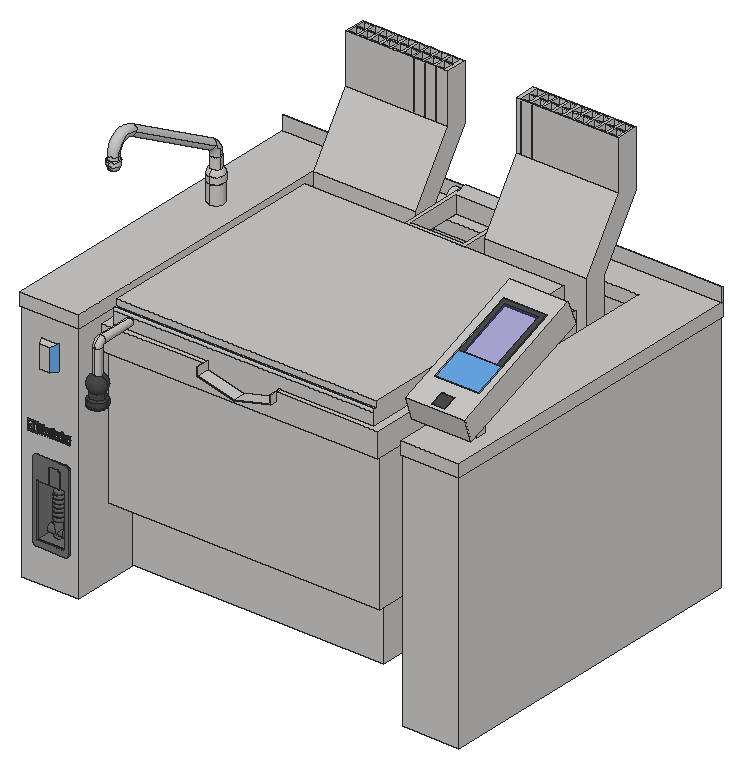
Revit family "QF_ELECTROLUXPROFESSIONAL_586295_PFET09GLCX", category Attrezzature speciali, Revit 2023
Family settings
  Quota connettore circolare = Usa raggio
  Tipo di parte = Normale
  Basato su piano di lavoro = No
  Attiva taglio nelle viste = No
  Sempre verticale = Sì
  Taglio con vuoti quando caricato = No
  Mantieni orientamento annotazione = No
  Condiviso = Sì
  Punto di calcolo locali = No
Parameters (values of type "Standard")
  Weight = 240.00 kg
  Watts = 0 W
  Volts = 230 V
  URL Manufacturer = "http://professional.electrolux.com"
  URL = "http://professional.electrolux.com"
  Steam Supply Size = 0"
  Steam Supply Minimum Pressure = 0.00 psi
  Steam Supply Maximum Pressure = 0.00 psi
  Steam Pounds per Hour = 0
  Show Logo [instance] = yes
  Refrigeration Suction Line Size = 0"
  Refrigeration Liquid Line Size = 0"
  Refrigerant Compressor Remote = yes
  Prospetto di default = 0.00 mm
  Plinth Base Finish [instance] = QF_Finishes_Concrete
  Plinth Base [instance] = not(Base Height = 500.00 mm)  # yes
  Phase = 1
  Modello = "PFET09GLCS"
  Produttore = "Electrolux Professional"
  Length Actual = 1200.00 mm  # constant formula
  Item Number = "586956"
  Hot Water Size = 1/2"
  Height Actual = 700.00 mm  # constant formula
  HP = "0.3 HP"
  Gas Size = 1"
  Gas KW = 18
  Gas Input Pressure = 0.722756 Btu/h
  Direct Waste Size = 0"
  Descrizione = "GAS TILTING BRAISING PAN,AUTO H/C WATER FILL INLET,SPRAY GUN, 90L,H700,COMPOUND,BS,FS,D900,REAR CLS KIT,GUID.COOK.S"
  Depth Actual = 900.00 mm  # constant formula
  Cycle = 50 Hz
  Condensate Return Size = 0"
  Compressed Air Volume = 0 GPM
  Compressed Air Size = 0"
  Compressed Air Pressure = 0.00 psi
  Cold Water Size = 1/2"
  Bracket [instance] = Base Height = 500.00 mm  # no
  Body Finish [instance] = QF_Finishes_Stainless Steel
  Base Height = 200.00 mm
  Show Clearance [instance] = yes
  Assembly Code = ""
  Accessory = yes
Reference planes
  plane 1 "BACK": y = 0
  plane 2: z = 0
  plane 3 "LEFT": x = 0
  plane 4 "RIGHT": x = 1200
  plane 5 "FRONT": y = -900
  plane 6 "TOP": z = 900
  plane 7: z = 200
  plane 8 "Center": x = 600
  plane 9: y = -450
  plane 10: y = -920
  plane 11: z = 1865
  plane 12: y = -971
  plane 13: z = 914
  plane 14: z = 1254
Forms (mm)
  Extrusion 1, solid, material "QF_Finishes_Stainless Steel" <- "Body Finish"
    sketch origin (0, 0, 900) x (-1, 0, 0) y (0, -1, 0)
      loop
        line (0, 0) -> (0, 900) -> (-160, 900) -> (-160, 86) -> (-1040, 86) -> (-1040, 900) -> (-1200, 900) -> (-1200, 0) -> (0, 0)
    from 0 to -35
  Extrusion 2, solid, material "QF_Finishes_Stainless Steel" <- "Body Finish"
    sketch origin (0, 0, 0) x (1, 0, 0) y (0, 0, 1)
      loop
        line (157, 865) -> (157, 500) -> (1043, 500) -> (1043, 865) -> (157, 865)
    from 3 to 83
  Extrusion 3, solid, material "QF_Finishes_Stainless Steel" <- "Body Finish"
    sketch origin (0, 0, 0) x (1, 0, 0) y (0, 0, 1)
      loop
        line (230, 454.5) -> (970, 454.5) -> (970, 833) -> (230, 833) -> (230, 454.5)
    from 230 to 882.995
  Extrusion 4, solid, material "QF_Finishes_Stainless Steel" <- "Body Finish"
    sketch origin (-975.299, -4572, 900) x (-1, 0, 0) y (0, -1, 0)
      loop
        line (-1492.192, -4549.945) -> (-1492.192, -4337) -> (-1658.406, -4337) -> (-1658.406, -4549.945) -> (-1492.192, -4549.945)
      loop
        line (-1648.406, -4502) -> (-1502.192, -4502) -> (-1502.192, -4347) -> (-1648.406, -4347) -> (-1648.406, -4502)
    from 11 to 56
  Extrusion 5, void
    sketch origin (0, -778.3, 0) x (1, 0, 0) y (0, 0, 1)
      loop
        line (500.793, 900) -> (500.793, 876.744) -> (600.793, 851.202) -> (700.793, 876.744) -> (700.793, 900) -> (500.793, 900)
    from 96.7 to 141.7
  Extrusion 6, solid, material "QF_Finishes_Stainless Steel" <- "Body Finish"
    sketch origin (600, 0, 0) x (0, 1, 0) y (0, 0, 1)
      loop
        line (-70, 900) -> (-22.055, 900) -> (-22.055, 932)
        arc (-22.055, 932) -> (-46.027, 955.973) -> (-70, 932) r 23.973
        line (-70, 932) -> (-70, 900)
    from -100 to -83.107
  Blend 7, solid, material "QF_Finishes_Stainless Steel" <- "Body Finish"
    base sketch origin (157, -897, 0) x (-1, 0, 0) y (0, 0, -1)
      loop
        line (100.5, -805.4) -> (100.5, -738.6) -> (53.5, -738.6) -> (53.5, -805.4) -> (100.5, -805.4)
    top sketch origin (157, -897, 0) x (-1, 0, 0) y (0, 0, -1)
      loop
        line (90.448, -802.617) -> (90.448, -741.383) -> (63.552, -741.383) -> (63.552, -802.617) -> (90.448, -802.617)
    from 0 to 20.065
  Extrusion 8, solid, material "QF_Finishes_Stainless Steel" <- "Body Finish"
    sketch origin (600, 0, 0) x (0, 1, 0) y (0, 0, 1)
      loop
        line (-875, 957.5) -> (-875, 939.75) -> (-882.995, 939.75)
        arc (-882.995, 939.75) -> (-885.24, 936.508) -> (-886.031, 932.644) r 9.835
        line (-886.031, 932.644) -> (-886.031, 900) -> (-235, 900) -> (-235, 957.5) -> (-875, 957.5)
    from -355 to 355.493
  Revolve 9, solid, material "QF_Finishes_Stainless Steel" <- "Body Finish"
    sketch origin (-975.299, -4626, 730) x (-1, 0, 0) y (0, -1, 0)
      loop
        line (-1205.299, -4000) -> (-1138.736, -4000) -> (-1138.736, -4030) -> (-1132.299, -4030) -> (-1132.299, -3943) -> (-1205.299, -3943) -> (-1205.299, -4000)
      loop
        line (-1945.299, -4000) -> (-1945.299, -3943) -> (-2018.299, -3943) -> (-2018.299, -4030) -> (-2011.861, -4030) -> (-2011.861, -4000) -> (-1945.299, -4000)
      axis (-1132.299, -3943) -> (-2018.299, -3943)
    angle from 0 to 360
  Extrusion 10, solid, material "QF_Finishes_Stainless Steel" <- "Body Finish"
    sketch origin (-975.299, -4572, 900) x (-1, 0, 0) y (0, -1, 0)
      loop
        line (-1199.802, -4347) -> (-1199.802, -3672) -> (-1953.192, -3672) -> (-1953.192, -4347) -> (-1199.802, -4347)
    from -67 to 0
  Extrusion 11, solid, material "QF_Finishes_Clearance", visible <- "Show Clearance", detail levels coarse
    sketch origin (600, 0, 0) x (0, 1, 0) y (0, 0, 1)
      loop
        arc (-265.365, 1865) -> (-732.212, 1545.353) -> (-912.055, 1008.904) r 890
        line (-912.055, 1008.904) -> (-22.055, 1008.904) -> (-265.365, 1865)
    from 355.493 to -355
  Extrusion 12, solid, material "QF_Finishes_Clearance", visible <- "Show Clearance", detail levels coarse
    sketch origin (600, 0, 0) x (0, 1, 0) y (0, 0, 1)
      loop
        line (-897, 900) -> (-915.468, 900)
        arc (-915.468, 900) -> (-969.934, 705.3) -> (-882.995, 522.772) r 287.996
        line (-882.995, 522.772) -> (-882.995, 833) -> (-897, 833) -> (-897, 900)
    from -375.497 to 377.893
  Extrusion 13, solid, material "QF_Finishes_Stainless Steel"
    sketch origin (0, 0, 461.36) x (0, 0, 1) y (1, 0, 0)
      loop
        circle (-66.36, 106.204) r 6.35
      loop
        circle (-66.36, 46.204) r 6.35
      loop
        circle (-116.36, 76.112) r 12.7
    from 0 to 5
  Extrusion 14, solid, material "QF_Finishes_Stainless Steel"
    sketch origin (1040, 0, 386.36) x (0, 0, 1) y (1, 0, 0)
      loop
        circle (-66.36, 81.204) r 6.35
    from 0 to 5
  Extrusion 15, solid, material "QF_Finishes_Stainless Steel" <- "Body Finish"
    sketch origin (600, 0, 0) x (0, 1, 0) y (0, 0, 1)
      loop
        line (-180, 956) -> (-180, 598) -> (-225, 598) -> (-225, 540) -> (-122, 540) -> (-122, 938.268) -> (-12.644, 1100.395) -> (-12.644, 1254) -> (-70.644, 1254) -> (-70.644, 1118.127) -> (-180, 956)
    from -373 to -93
  Extrusion 16, solid, material "QF_Finishes_Stainless Steel" <- "Body Finish"
    sketch origin (0, 0, 29.5) x (1, 0, 0) y (0, 0, 1)
      loop
        line (256.991, 425) -> (256.991, 263.5) -> (944.406, 263.5) -> (944.406, 425) -> (256.991, 425)
    from 230 to 837
  Extrusion 17, solid, material "QF_Finishes_Stainless Steel" <- "Body Finish"
    sketch origin (0, -100, 0) x (1, 0, 0) y (0, 1, 0)
      loop
        line (157, 97) -> (3, 97) -> (3, -797) -> (157, -797) -> (157, 97)
      loop
        line (1197, 97) -> (1043, 97) -> (1043, -797) -> (1197, -797) -> (1197, 97)
    from 200 to 865
  Extrusion 18, solid, material "Navy Blue", visible <- "Show Logo"
    sketch origin (160, -897, 0) x (-1, 0, 0) y (0, 0, -1)
      loop
        line (101.332, -593.18) -> (109.793, -593.18) -> (109.793, -583.327)
        arc (109.793, -583.327) -> (108.679, -580.639) -> (105.991, -579.525) r 3.802
        line (105.991, -579.525) -> (101.168, -579.525) -> (101.168, -581.736) -> (105.441, -581.736)
        arc (105.441, -581.736) -> (106.845, -582.21) -> (107.442, -583.566) r 1.838
        line (107.442, -583.566) -> (107.442, -585.52) -> (101.698, -585.52) -> (101.698, -587.738) -> (107.442, -587.738) -> (107.442, -590.968) -> (101.332, -590.968) -> (101.332, -593.18)
      loop
        line (99.498, -593.18) -> (99.498, -579.525) -> (97.146, -579.525) -> (97.146, -593.18) -> (99.498, -593.18)
      loop
        line (48.417, -593.18) -> (48.417, -579.525) -> (46.064, -579.525) -> (46.064, -593.18) -> (48.417, -593.18)
      loop
        line (93.257, -583.886) -> (85.539, -583.886)
        arc (85.539, -583.886) -> (86.746, -588.126) -> (90.874, -589.672) r 4.89
        arc (90.874, -589.672) -> (94.51, -587.828) -> (95.548, -583.886) r 4.976
        arc (95.548, -583.886) -> (94.182, -580.589) -> (90.886, -579.224) r 4.662
        arc (90.886, -579.224) -> (88.32, -579.602) -> (86.169, -581.05) r 5.86
        line (86.169, -581.05) -> (87.562, -582.444)
        arc (87.562, -582.444) -> (89.391, -581.347) -> (91.516, -581.531) r 3.458
        arc (91.516, -581.531) -> (92.812, -582.394) -> (93.257, -583.886) r 2.29
      loop
        line (93.198, -585.539) -> (87.902, -585.539)
        arc (87.902, -585.539) -> (88.645, -587.103) -> (90.278, -587.679) r 2.256
        arc (90.278, -587.679) -> (92.162, -587.188) -> (93.198, -585.539) r 2.64
      loop
        line (76.371, -586.524) -> (74.894, -588)
        arc (74.894, -588) -> (76.746, -589.341) -> (78.997, -589.742) r 5.117
        arc (78.997, -589.742) -> (82.429, -588.487) -> (84.231, -585.308) r 5.293
        arc (84.231, -585.308) -> (81.194, -579.733) -> (74.977, -581.018) r 5.33
        line (74.977, -581.018) -> (76.446, -582.487)
        arc (76.446, -582.487) -> (79.616, -581.438) -> (81.887, -583.886) r 3.088
        arc (81.887, -583.886) -> (81.729, -585.821) -> (80.396, -587.234) r 2.933
        arc (80.396, -587.234) -> (78.264, -587.559) -> (76.371, -586.524) r 3.369
      loop
        line (73.45, -593.18) -> (73.45, -583.849)
        arc (73.45, -583.849) -> (73.246, -582.449) -> (72.722, -581.135) r 6.031
        arc (72.722, -581.135) -> (71.044, -579.8) -> (68.918, -579.519) r 4.018
        line (68.918, -579.519) -> (68.918, -581.723)
        arc (68.918, -581.723) -> (69.55, -581.771) -> (70.139, -582.005) r 2.118
        arc (70.139, -582.005) -> (70.895, -582.804) -> (71.098, -583.886) r 1.949
        line (71.098, -583.886) -> (71.098, -587.265) -> (68.962, -587.265) -> (68.962, -589.401) -> (71.098, -589.401) -> (71.098, -593.18) -> (73.45, -593.18)
      loop
        arc (64.65, -584.717) -> (64.482, -585.701) -> (63.997, -586.574) r 2.967
        arc (63.997, -586.574) -> (62.588, -587.297) -> (61.004, -587.265) r 3.231
        line (61.004, -587.265) -> (61.004, -589.525)
        arc (61.004, -589.525) -> (63.073, -589.33) -> (64.65, -587.977) r 3.432
        line (64.65, -587.977) -> (64.65, -589.401) -> (66.983, -589.401) -> (66.983, -579.525) -> (64.65, -579.525) -> (64.65, -584.717)
      loop
        circle (55.254, -584.461) r 5.233
      loop
        circle (55.254, -584.461) r 3.172
      loop
        arc (37.582, -583.638) -> (38.162, -582.041) -> (39.738, -581.405) r 2.088
        arc (39.738, -581.405) -> (41.313, -582.041) -> (41.894, -583.638) r 2.088
        line (41.894, -583.638) -> (41.894, -589.401) -> (44.266, -589.401) -> (44.266, -583.442)
        arc (44.266, -583.442) -> (42.916, -580.365) -> (39.738, -579.275) r 4.181
        arc (39.738, -579.275) -> (36.524, -580.398) -> (35.211, -583.539) r 4.181
        line (35.211, -583.539) -> (35.211, -589.401) -> (37.582, -589.401) -> (37.582, -583.638)
      loop
        line (33.789, -589.401) -> (30.374, -584.764) -> (34.126, -579.522) -> (31.598, -579.522) -> (29.107, -583.001) -> (26.58, -579.522) -> (24.068, -579.522) -> (27.767, -584.817) -> (24.385, -589.401) -> (26.952, -589.401) -> (29.115, -586.469) -> (31.245, -589.401) -> (33.789, -589.401)
      loop
        line (108.47, -573.865) -> (110.346, -573.865) -> (110.346, -569.143) -> (109.319, -569.143) -> (109.319, -570.769) -> (108.185, -570.769)
        arc (108.185, -570.769) -> (106.916, -572.447) -> (108.47, -573.865) r 1.561
      loop
        arc (108.23, -571.697) -> (107.841, -572.304) -> (108.23, -572.911) r 0.668
        line (108.23, -572.911) -> (109.319, -572.911) -> (109.319, -571.697) -> (108.23, -571.697)
      loop
        line (101.061, -573.865) -> (102.968, -573.865) -> (102.968, -569.143) -> (101.942, -569.143) -> (101.942, -570.769) -> (100.949, -570.769) -> (100.27, -569.143) -> (99.168, -569.143) -> (100.097, -571.134)
        arc (100.097, -571.134) -> (99.652, -571.665) -> (99.502, -572.343) r 1.458
        arc (99.502, -572.343) -> (99.971, -573.421) -> (101.061, -573.865) r 1.559
      loop
        line (101.942, -572.911) -> (101.942, -571.697) -> (100.852, -571.697)
        arc (100.852, -571.697) -> (100.464, -572.304) -> (100.852, -572.911) r 0.668
        line (100.852, -572.911) -> (101.942, -572.911)
      loop
        circle (93.139, -571.504) r 2.453
      loop
        circle (93.139, -571.504) r 1.557
      loop
        line (86.655, -573.865) -> (86.655, -569.143) -> (85.654, -569.143) -> (85.654, -570.793) -> (83.876, -570.793) -> (83.876, -571.851) -> (85.654, -571.851) -> (85.654, -572.847) -> (83.706, -572.847) -> (83.706, -573.865) -> (86.655, -573.865)
      loop
        line (79.724, -573.865) -> (79.724, -570.677)
        arc (79.724, -570.677) -> (79.288, -569.596) -> (78.213, -569.146) r 1.51
        line (78.213, -569.146) -> (76.689, -569.146) -> (76.689, -570.038) -> (78.122, -570.038)
        arc (78.122, -570.038) -> (78.65, -570.475) -> (78.753, -571.151) r 0.961
        line (78.753, -571.151) -> (76.866, -571.151) -> (76.866, -572.043) -> (78.753, -572.043) -> (78.753, -572.973) -> (76.735, -572.973) -> (76.735, -573.865) -> (79.724, -573.865)
      loop
        arc (62.624, -573.267) -> (63.249, -573.78) -> (64.041, -573.943) r 1.69
        arc (64.041, -573.943) -> (64.773, -573.764) -> (65.374, -573.31) r 1.872
        arc (65.374, -573.31) -> (65.486, -572.238) -> (64.794, -571.411) r 1.385
        arc (64.794, -571.411) -> (64.212, -571.217) -> (63.66, -570.95) r 4.78
        arc (63.66, -570.95) -> (63.312, -570.539) -> (63.552, -570.057) r 0.489
        arc (63.552, -570.057) -> (63.998, -569.952) -> (64.442, -570.065) r 0.963
        arc (64.442, -570.065) -> (64.826, -570.341) -> (65.061, -570.752) r 1.118
        line (65.061, -570.752) -> (65.887, -570.367)
        arc (65.887, -570.367) -> (65.589, -569.793) -> (65.11, -569.36) r 1.815
        arc (65.11, -569.36) -> (64.566, -569.127) -> (63.978, -569.068) r 1.957
        arc (63.978, -569.068) -> (63.25, -569.213) -> (62.595, -569.561) r 2.556
        arc (62.595, -569.561) -> (62.305, -570.331) -> (62.455, -571.139) r 1.535
        arc (62.455, -571.139) -> (62.778, -571.512) -> (63.19, -571.781) r 1.779
        arc (63.19, -571.781) -> (63.712, -572.014) -> (64.248, -572.215) r 9.371
        arc (64.248, -572.215) -> (64.557, -572.696) -> (64.11, -573.053) r 0.427
        arc (64.11, -573.053) -> (63.575, -572.924) -> (63.163, -572.558) r 1.135
        line (63.163, -572.558) -> (62.624, -573.267)
      loop
        line (58.291, -573.865) -> (58.291, -569.146) -> (57.321, -569.146) -> (57.321, -573.865) -> (58.291, -573.865)
      loop
        circle (50.779, -571.506) r 1.468
      loop
        circle (50.779, -571.506) r 2.451
      loop
        line (44.27, -569.146) -> (43.289, -569.146) -> (43.289, -572.113) -> (41.131, -569.146) -> (40.187, -569.146) -> (40.187, -573.865) -> (41.168, -573.865) -> (41.168, -570.808) -> (43.326, -573.865) -> (44.27, -573.865) -> (44.27, -569.146)
      loop
        line (35.295, -569.146) -> (34.836, -570.164) -> (33.09, -570.164) -> (32.631, -569.146) -> (31.588, -569.146) -> (33.581, -573.865) -> (34.491, -573.865) -> (36.337, -569.146) -> (35.295, -569.146)
      loop
        line (33.526, -571.132) -> (33.993, -572.169) -> (34.447, -571.132) -> (33.526, -571.132)
      loop
        line (26.769, -570.038) -> (26.769, -573.865) -> (27.739, -573.865) -> (27.739, -569.146) -> (24.954, -569.146) -> (24.954, -570.038) -> (26.769, -570.038)
      loop
        arc (69.698, -573.267) -> (70.324, -573.78) -> (71.116, -573.943) r 1.69
        arc (71.116, -573.943) -> (71.847, -573.764) -> (72.449, -573.31) r 1.872
        arc (72.449, -573.31) -> (72.56, -572.238) -> (71.868, -571.411) r 1.385
        arc (71.868, -571.411) -> (71.287, -571.217) -> (70.735, -570.95) r 4.78
        arc (70.735, -570.95) -> (70.386, -570.539) -> (70.627, -570.057) r 0.489
        arc (70.627, -570.057) -> (71.073, -569.952) -> (71.517, -570.065) r 0.963
        arc (71.517, -570.065) -> (71.901, -570.341) -> (72.136, -570.752) r 1.118
        line (72.136, -570.752) -> (72.961, -570.367)
        arc (72.961, -570.367) -> (72.664, -569.793) -> (72.184, -569.36) r 1.815
        arc (72.184, -569.36) -> (71.64, -569.127) -> (71.052, -569.068) r 1.957
        arc (71.052, -569.068) -> (70.325, -569.213) -> (69.669, -569.561) r 2.556
        arc (69.669, -569.561) -> (69.38, -570.331) -> (69.529, -571.139) r 1.535
        arc (69.529, -571.139) -> (69.852, -571.512) -> (70.265, -571.781) r 1.779
        arc (70.265, -571.781) -> (70.787, -572.014) -> (71.322, -572.215) r 9.371
        arc (71.322, -572.215) -> (71.632, -572.696) -> (71.185, -573.053) r 0.427
        arc (71.185, -573.053) -> (70.649, -572.924) -> (70.238, -572.558) r 1.135
        line (70.238, -572.558) -> (69.698, -573.267)
      loop
        line (124.467, -593.367) -> (124.467, -568.534)
        arc (124.467, -568.534) -> (115.287, -580.95) -> (124.467, -593.367) r 12.987
      loop
        arc (125.423, -593.446) -> (135.891, -591.227) -> (141.022, -581.837) r 12.809
        line (141.022, -581.837) -> (135.422, -581.837)
        arc (135.422, -581.837) -> (128.84, -585.012) -> (125.423, -591.472) r 11.707
        line (125.423, -591.472) -> (125.423, -593.446)
      loop
        arc (125.73, -570.332) -> (129.585, -577.251) -> (136.925, -580.23) r 11.93
        line (136.925, -580.23) -> (141.033, -580.23)
        arc (141.033, -580.23) -> (136.066, -570.804) -> (125.73, -568.215) r 13.06
        line (125.73, -568.215) -> (125.73, -570.332)
      loop
        line (141.976, -594.722) -> (141.976, -567.122) -> (114.339, -567.122) -> (114.339, -594.722) -> (141.976, -594.722)
    from 0 to 0.697
  Extrusion 19, void
    sketch origin (0, -900, 0) x (1, 0, 0) y (0, 0, 1)
      loop
        line (125.4, 500.944) -> (43.4, 500.944) -> (43.4, 305.944) -> (125.4, 305.944) -> (125.4, 500.944)
    from 0 to -63
  Extrusion 20, solid, material "QF_Finishes_Stainless Steel"
    sketch origin (600, -100, 0) x (0, 1, 0) y (0, 0, 1)
      loop
        line (98, 937.998) -> (98, 900) -> (100, 900) -> (100, 937.998) -> (98, 937.998)
    from 600 to -600
  Sweep 21, solid, material "QF_Finishes_Stainless Steel" <- "Body Finish"
    path origin (287.976, -40.5, 0.119) x (0, 1, 0) y (0, 0, 1)
      loop
        line (-845.531, 920) -> (-942.5, 920)
        arc (-942.5, 920) -> (-951.07, 916.45) -> (-954.619, 907.881) r 12.119
        line (-954.619, 907.881) -> (-954.619, 837.881)
    profile origin (287.976, -934.515, 920.119) x (0, 0, -1) y (1, 0, 0)
      loop
        circle (0, 0) r 10
  Revolve 22, solid, material "QF_Finishes_Black"
    sketch origin (0, -995.119, 0.119) x (1, 0, 0) y (0, 0, 1)
      loop
        line (287.976, 837.881) -> (287.976, 762.881) -> (307.976, 762.881)
        arc (307.976, 762.881) -> (311.512, 764.345) -> (312.976, 767.881) r 5
        line (312.976, 767.881) -> (312.976, 780.536) -> (307.064, 786.449) -> (305.844, 800.394)
        arc (305.844, 800.394) -> (312.515, 822.659) -> (297.976, 840.794) r 25
        line (297.976, 840.794) -> (297.976, 837.881) -> (287.976, 837.881)
      axis (287.976, 762.881) -> (287.976, 840.794)
    angle from 0 to 360
  Extrusion 23, solid, material "QF_Finishes_Stainless Steel" <- "Body Finish"
    sketch origin (-0.793, -900, 0) x (1, 0, 0) y (0, 0, 1)
      loop
        line (500.793, 900) -> (500.793, 876.744) -> (600.793, 851.202) -> (700.793, 876.744) -> (700.793, 900) -> (698.793, 900) -> (698.793, 878.297) -> (600.793, 853.267) -> (502.793, 878.297) -> (502.793, 900) -> (500.793, 900)
    from -25 to 20
  Extrusion 24, solid, material "QF_Finishes_Stainless Steel" <- "Body Finish"
    sketch origin (-0.793, -900, 0) x (1, 0, 0) y (0, 0, 1)
      loop
        line (504.793, 900) -> (504.793, 879.85) -> (600.793, 855.331) -> (696.793, 879.85) -> (696.793, 900) -> (504.793, 900)
    from -25 to -13.969
  Extrusion 25, solid, material "QF_Finishes_Stainless Steel" <- "Body Finish"
    sketch origin (600, 0, 0) x (0, 1, 0) y (0, 0, -1)
      loop
        line (-180, -956) -> (-70.644, -1118.127) -> (-70.644, -1254) -> (-12.644, -1254) -> (-12.644, -1100.395) -> (-122, -938.268) -> (-122, -540) -> (-225, -540) -> (-225, -598) -> (-180, -598) -> (-180, -956)
    from -373 to -93
  Extrusion 26, solid, material "QF_Finishes_Stainless Steel" <- "Body Finish"
    sketch origin (600, 0, 0) x (0, 1, 0) y (0, 0, 1)
      loop
        line (-70, 900) -> (-22.055, 900) -> (-22.055, 932)
        arc (-22.055, 932) -> (-46.027, 955.973) -> (-70, 932) r 23.973
        line (-70, 932) -> (-70, 900)
    from 83.107 to 100
  Extrusion 27, void
    sketch origin (0, 0, 900) x (-1, 0, 0) y (0, -1, 0)
      loop
        line (-232, 43.144) -> (-232, 68.144) -> (-256, 68.144) -> (-256, 43.144) -> (-232, 43.144)
      loop
        line (-232, 40.144) -> (-256, 40.144) -> (-256, 15.144) -> (-232, 15.144) -> (-232, 40.144)
      loop
        line (-262, 43.144) -> (-262, 68.144) -> (-286, 68.144) -> (-286, 43.144) -> (-262, 43.144)
      loop
        line (-262, 40.144) -> (-286, 40.144) -> (-286, 15.144) -> (-262, 15.144) -> (-262, 40.144)
      loop
        line (-292, 43.144) -> (-292, 68.144) -> (-316, 68.144) -> (-316, 43.144) -> (-292, 43.144)
      loop
        line (-292, 40.144) -> (-316, 40.144) -> (-316, 15.144) -> (-292, 15.144) -> (-292, 40.144)
      loop
        line (-322, 43.144) -> (-322, 68.144) -> (-346, 68.144) -> (-346, 43.144) -> (-322, 43.144)
      loop
        line (-322, 40.144) -> (-346, 40.144) -> (-346, 15.144) -> (-322, 15.144) -> (-322, 40.144)
      loop
        line (-352, 43.144) -> (-352, 68.144) -> (-376, 68.144) -> (-376, 43.144) -> (-352, 43.144)
      loop
        line (-352, 40.144) -> (-376, 40.144) -> (-376, 15.144) -> (-352, 15.144) -> (-352, 40.144)
      loop
        line (-382, 43.144) -> (-382, 68.144) -> (-406, 68.144) -> (-406, 43.144) -> (-382, 43.144)
      loop
        line (-382, 40.144) -> (-406, 40.144) -> (-406, 15.144) -> (-382, 15.144) -> (-382, 40.144)
      loop
        line (-412, 43.144) -> (-412, 68.144) -> (-436, 68.144) -> (-436, 43.144) -> (-412, 43.144)
      loop
        line (-412, 40.144) -> (-436, 40.144) -> (-436, 15.144) -> (-412, 15.144) -> (-412, 40.144)
      loop
        line (-442, 43.144) -> (-442, 68.144) -> (-466, 68.144) -> (-466, 43.144) -> (-442, 43.144)
      loop
        line (-442, 40.144) -> (-466, 40.144) -> (-466, 15.144) -> (-442, 15.144) -> (-442, 40.144)
      loop
        line (-472, 43.144) -> (-472, 68.144) -> (-496, 68.144) -> (-496, 43.144) -> (-472, 43.144)
      loop
        line (-472, 40.144) -> (-496, 40.144) -> (-496, 15.144) -> (-472, 15.144) -> (-472, 40.144)
    from 218.129 to 354
  Extrusion 28, void
    sketch origin (0, 0, 900) x (-1, 0, 0) y (0, -1, 0)
      loop
        line (-968, 43.144) -> (-944, 43.144) -> (-944, 68.144) -> (-968, 68.144) -> (-968, 43.144)
      loop
        line (-968, 40.144) -> (-968, 15.144) -> (-944, 15.144) -> (-944, 40.144) -> (-968, 40.144)
      loop
        line (-938, 43.144) -> (-914, 43.144) -> (-914, 68.144) -> (-938, 68.144) -> (-938, 43.144)
      loop
        line (-938, 40.144) -> (-938, 15.144) -> (-914, 15.144) -> (-914, 40.144) -> (-938, 40.144)
      loop
        line (-908, 43.144) -> (-884, 43.144) -> (-884, 68.144) -> (-908, 68.144) -> (-908, 43.144)
      loop
        line (-908, 40.144) -> (-908, 15.144) -> (-884, 15.144) -> (-884, 40.144) -> (-908, 40.144)
      loop
        line (-878, 43.144) -> (-854, 43.144) -> (-854, 68.144) -> (-878, 68.144) -> (-878, 43.144)
      loop
        line (-878, 40.144) -> (-878, 15.144) -> (-854, 15.144) -> (-854, 40.144) -> (-878, 40.144)
      loop
        line (-848, 43.144) -> (-824, 43.144) -> (-824, 68.144) -> (-848, 68.144) -> (-848, 43.144)
      loop
        line (-848, 40.144) -> (-848, 15.144) -> (-824, 15.144) -> (-824, 40.144) -> (-848, 40.144)
      loop
        line (-818, 43.144) -> (-794, 43.144) -> (-794, 68.144) -> (-818, 68.144) -> (-818, 43.144)
      loop
        line (-818, 40.144) -> (-818, 15.144) -> (-794, 15.144) -> (-794, 40.144) -> (-818, 40.144)
      loop
        line (-788, 43.144) -> (-764, 43.144) -> (-764, 68.144) -> (-788, 68.144) -> (-788, 43.144)
      loop
        line (-788, 40.144) -> (-788, 15.144) -> (-764, 15.144) -> (-764, 40.144) -> (-788, 40.144)
      loop
        line (-758, 43.144) -> (-734, 43.144) -> (-734, 68.144) -> (-758, 68.144) -> (-758, 43.144)
      loop
        line (-758, 40.144) -> (-758, 15.144) -> (-734, 15.144) -> (-734, 40.144) -> (-758, 40.144)
      loop
        line (-728, 43.144) -> (-704, 43.144) -> (-704, 68.144) -> (-728, 68.144) -> (-728, 43.144)
      loop
        line (-728, 40.144) -> (-728, 15.144) -> (-704, 15.144) -> (-704, 40.144) -> (-728, 40.144)
    from 218.129 to 354
Cuts and joins
  Extrusion 5 cuts Extrusion 10
  joined: Extrusion 3, Extrusion 8, Extrusion 10, Extrusion 23, Extrusion 24
  Extrusion 19 cuts Extrusion 17
  Extrusion 27, Extrusion 28 cuts Extrusion 15
  Extrusion 28 cuts Extrusion 11
  Extrusion 28 cuts Extrusion 25
Lines and regions (mm)
  symbolic lines
    curve 1: line (1200, 0, 900) -> (0, 0, 900)
    curve 2: line (1200, -900, 900) -> (1200, 0, 900)
    curve 3: line (1040, -900, 900) -> (1200, -900, 900)
    curve 4: line (1040, -86, 900) -> (1040, -900, 900)
    curve 5: line (0, 0, 900) -> (0, -900, 900)
    curve 6: line (160, -900, 900) -> (160, -86, 900)
    curve 7: line (0, -900, 900) -> (160, -900, 900)
    curve 8: line (977.893, -225, 900) -> (977.893, -900, 900)
    curve 9: line (224.503, -225, 900) -> (224.503, -900, 900)
    curve 10: line (1040, -625.999, 900) -> (977.893, -625.999, 900)
    curve 11: line (1040, -739.999, 900) -> (977.893, -739.999, 900)
    curve 12: line (160, -625.999, 900) -> (224.503, -625.999, 900)
    curve 13: line (160, -739.999, 900) -> (224.503, -739.999, 900)
    curve 21: line (0, -2, 0) -> (1200, -2, 0)
    curve 22: line (277.976, -886.031, 0) -> (277.976, -995.119, 0)
    curve 23: line (297.976, -886.031, 0) -> (297.976, -995.119, 0)
    curve 24: arc (277.976, -972.207, 0) -> (287.976, -1020.119, 0) -> (297.976, -972.207, 0) r 25
    curve 25: arc (277.976, -995.119, 0) -> (287.976, -1005.119, 0) -> (297.976, -995.119, 0) r 10
    curve 26: line (500, -920, 0) -> (700, -920, 0)
    curve 27: line (700, -920, 0) -> (700, -886.031, 0)
    curve 28: line (500, -920, 0) -> (500, -886.031, 0)
    curve 29: line (502, -886.031, 0) -> (502, -920, 0)
    curve 30: line (698, -886.031, 0) -> (698, -920, 0)
    curve 31: line (600, -920, 0) -> (600, -886.031, 0)
    curve 32: line (224.503, -900, 0) -> (277.976, -900, 0)
    curve 33: line (297.976, -900, 0) -> (500, -900, 0)
    curve 34: line (700, -900, 0) -> (977.893, -900, 0)
    curve 35: line (245, -886.031, 0) -> (955.493, -886.031, 0)
    curve 36: line (955.493, -886.031, 0) -> (955.493, -235, 0)
    curve 37: line (245, -235, 0) -> (245, -886.031, 0)
    curve 38: line (245, -875, 0) -> (955.493, -875, 0)
    curve 39: line (227, -12.644, 0) -> (227, -225, 0)
    curve 40: line (507, -12.644, 0) -> (227, -12.644, 0)
    curve 41: line (227, -70.644, 0) -> (507, -70.644, 0)
    curve 42: line (227, -180, 0) -> (507, -180, 0)
    curve 43: line (973, -12.644, 0) -> (693, -12.644, 0)
    curve 44: line (693, -70.644, 0) -> (973, -70.644, 0)
    curve 45: line (693, -180, 0) -> (973, -180, 0)
    curve 46: line (973, -225, 0) -> (973, -12.644, 0)
    curve 47: line (507, -225, 0) -> (507, -12.644, 0)
    curve 48: line (693, -12.644, 0) -> (693, -225, 0)
    curve 49: line (683.107, -235, 0) -> (683.107, -22.055, 0)
    curve 50: line (516.893, -22.055, 0) -> (516.893, -235, 0)
    curve 51: line (683.107, -22.055, 0) -> (516.893, -22.055, 0)
    curve 52: line (673.107, -70, 0) -> (673.107, -225, 0)
    curve 53: line (526.893, -225, 0) -> (526.893, -70, 0)
    curve 54: line (516.893, -70, 0) -> (507, -70, 0)
    curve 55: line (516.893, -86, 0) -> (507, -86, 0)
    curve 56: line (683.107, -70, 0) -> (693, -70, 0)
    curve 57: line (683.107, -86, 0) -> (693, -86, 0)
    curve 58: line (224.503, -225, 0) -> (977.893, -225, 0)
    curve 59: line (955.493, -235, 0) -> (245, -235, 0)
    curve 60: line (160, -86, 0) -> (227, -86, 0)
    curve 61: line (1040, -86, 0) -> (973, -86, 0)
    curve 62: line (673.107, -70, 0) -> (526.893, -70, 0)
    curve 63: line (673.107, -86, 0) -> (526.893, -86, 0)
    curve 64: line (232, -15.144, 0) -> (256, -15.144, 0)
    curve 65: line (232, -40.144, 0) -> (232, -15.144, 0)
    curve 66: line (256, -40.144, 0) -> (232, -40.144, 0)
    curve 67: line (256, -15.144, 0) -> (256, -40.144, 0)
    curve 68: line (232, -43.144, 0) -> (256, -43.144, 0)
    curve 69: line (232, -68.144, 0) -> (232, -43.144, 0)
    curve 70: line (256, -68.144, 0) -> (232, -68.144, 0)
    curve 71: line (256, -43.144, 0) -> (256, -68.144, 0)
    curve 72: line (262, -15.144, 0) -> (286, -15.144, 0)
    curve 73: line (262, -40.144, 0) -> (262, -15.144, 0)
    curve 74: line (286, -40.144, 0) -> (262, -40.144, 0)
    curve 75: line (286, -15.144, 0) -> (286, -40.144, 0)
    curve 76: line (262, -43.144, 0) -> (286, -43.144, 0)
    curve 77: line (262, -68.144, 0) -> (262, -43.144, 0)
    curve 78: line (286, -68.144, 0) -> (262, -68.144, 0)
    curve 79: line (286, -43.144, 0) -> (286, -68.144, 0)
    curve 80: line (292, -15.144, 0) -> (316, -15.144, 0)
    curve 81: line (292, -40.144, 0) -> (292, -15.144, 0)
    curve 82: line (316, -40.144, 0) -> (292, -40.144, 0)
    curve 83: line (316, -15.144, 0) -> (316, -40.144, 0)
    curve 84: line (292, -43.144, 0) -> (316, -43.144, 0)
    curve 85: line (292, -68.144, 0) -> (292, -43.144, 0)
    curve 86: line (316, -68.144, 0) -> (292, -68.144, 0)
    curve 87: line (316, -43.144, 0) -> (316, -68.144, 0)
    curve 88: line (322, -15.144, 0) -> (346, -15.144, 0)
    curve 89: line (322, -40.144, 0) -> (322, -15.144, 0)
    curve 90: line (346, -40.144, 0) -> (322, -40.144, 0)
    curve 91: line (346, -15.144, 0) -> (346, -40.144, 0)
    curve 92: line (322, -43.144, 0) -> (346, -43.144, 0)
    curve 93: line (322, -68.144, 0) -> (322, -43.144, 0)
    curve 94: line (346, -68.144, 0) -> (322, -68.144, 0)
    curve 95: line (346, -43.144, 0) -> (346, -68.144, 0)
    curve 96: line (352, -15.144, 0) -> (376, -15.144, 0)
    curve 97: line (352, -40.144, 0) -> (352, -15.144, 0)
    curve 98: line (376, -40.144, 0) -> (352, -40.144, 0)
    curve 99: line (376, -15.144, 0) -> (376, -40.144, 0)
    curve 100: line (352, -43.144, 0) -> (376, -43.144, 0)
    curve 101: line (352, -68.144, 0) -> (352, -43.144, 0)
    curve 102: line (376, -68.144, 0) -> (352, -68.144, 0)
    curve 103: line (376, -43.144, 0) -> (376, -68.144, 0)
    curve 104: line (382, -15.144, 0) -> (406, -15.144, 0)
    curve 105: line (382, -40.144, 0) -> (382, -15.144, 0)
    curve 106: line (406, -40.144, 0) -> (382, -40.144, 0)
    curve 107: line (406, -15.144, 0) -> (406, -40.144, 0)
    curve 108: line (382, -43.144, 0) -> (406, -43.144, 0)
    curve 109: line (382, -68.144, 0) -> (382, -43.144, 0)
    curve 110: line (406, -68.144, 0) -> (382, -68.144, 0)
    curve 111: line (406, -43.144, 0) -> (406, -68.144, 0)
    curve 112: line (412, -15.144, 0) -> (436, -15.144, 0)
    curve 113: line (412, -40.144, 0) -> (412, -15.144, 0)
    curve 114: line (436, -40.144, 0) -> (412, -40.144, 0)
    curve 115: line (436, -15.144, 0) -> (436, -40.144, 0)
    curve 116: line (412, -43.144, 0) -> (436, -43.144, 0)
    curve 117: line (412, -68.144, 0) -> (412, -43.144, 0)
    curve 118: line (436, -68.144, 0) -> (412, -68.144, 0)
    curve 119: line (436, -43.144, 0) -> (436, -68.144, 0)
    curve 120: line (442, -15.144, 0) -> (466, -15.144, 0)
    curve 121: line (442, -40.144, 0) -> (442, -15.144, 0)
    curve 122: line (466, -40.144, 0) -> (442, -40.144, 0)
    curve 123: line (466, -15.144, 0) -> (466, -40.144, 0)
    curve 124: line (442, -43.144, 0) -> (466, -43.144, 0)
    curve 125: line (442, -68.144, 0) -> (442, -43.144, 0)
    curve 126: line (466, -68.144, 0) -> (442, -68.144, 0)
    curve 127: line (466, -43.144, 0) -> (466, -68.144, 0)
    curve 128: line (472, -15.144, 0) -> (496, -15.144, 0)
    curve 129: line (472, -40.144, 0) -> (472, -15.144, 0)
    curve 130: line (496, -40.144, 0) -> (472, -40.144, 0)
    curve 131: line (496, -15.144, 0) -> (496, -40.144, 0)
    curve 132: line (472, -43.144, 0) -> (496, -43.144, 0)
    curve 133: line (472, -68.144, 0) -> (472, -43.144, 0)
    curve 134: line (496, -68.144, 0) -> (472, -68.144, 0)
    curve 135: line (496, -43.144, 0) -> (496, -68.144, 0)
    curve 136: line (704, -15.144, 0) -> (728, -15.144, 0)
    curve 137: line (704, -40.144, 0) -> (704, -15.144, 0)
    curve 138: line (728, -40.144, 0) -> (704, -40.144, 0)
    curve 139: line (728, -15.144, 0) -> (728, -40.144, 0)
    curve 140: line (704, -43.144, 0) -> (728, -43.144, 0)
    curve 141: line (704, -68.144, 0) -> (704, -43.144, 0)
    curve 142: line (728, -68.144, 0) -> (704, -68.144, 0)
    curve 143: line (728, -43.144, 0) -> (728, -68.144, 0)
    curve 144: line (734, -15.144, 0) -> (758, -15.144, 0)
    curve 145: line (734, -40.144, 0) -> (734, -15.144, 0)
    curve 146: line (758, -40.144, 0) -> (734, -40.144, 0)
    curve 147: line (758, -15.144, 0) -> (758, -40.144, 0)
    curve 148: line (734, -43.144, 0) -> (758, -43.144, 0)
    curve 149: line (734, -68.144, 0) -> (734, -43.144, 0)
    curve 150: line (758, -68.144, 0) -> (734, -68.144, 0)
    curve 151: line (758, -43.144, 0) -> (758, -68.144, 0)
    curve 152: line (764, -15.144, 0) -> (788, -15.144, 0)
    curve 153: line (764, -40.144, 0) -> (764, -15.144, 0)
    curve 154: line (788, -40.144, 0) -> (764, -40.144, 0)
    curve 155: line (788, -15.144, 0) -> (788, -40.144, 0)
    curve 156: line (764, -43.144, 0) -> (788, -43.144, 0)
    curve 157: line (764, -68.144, 0) -> (764, -43.144, 0)
    curve 158: line (788, -68.144, 0) -> (764, -68.144, 0)
    curve 159: line (788, -43.144, 0) -> (788, -68.144, 0)
    curve 160: line (794, -15.144, 0) -> (818, -15.144, 0)
    curve 161: line (794, -40.144, 0) -> (794, -15.144, 0)
    curve 162: line (818, -40.144, 0) -> (794, -40.144, 0)
    curve 163: line (818, -15.144, 0) -> (818, -40.144, 0)
    curve 164: line (794, -43.144, 0) -> (818, -43.144, 0)
    curve 165: line (794, -68.144, 0) -> (794, -43.144, 0)
    curve 166: line (818, -68.144, 0) -> (794, -68.144, 0)
    curve 167: line (818, -43.144, 0) -> (818, -68.144, 0)
    curve 168: line (824, -15.144, 0) -> (848, -15.144, 0)
    curve 169: line (824, -40.144, 0) -> (824, -15.144, 0)
    curve 170: line (848, -40.144, 0) -> (824, -40.144, 0)
    curve 171: line (848, -15.144, 0) -> (848, -40.144, 0)
    curve 172: line (824, -43.144, 0) -> (848, -43.144, 0)
    curve 173: line (824, -68.144, 0) -> (824, -43.144, 0)
    curve 174: line (848, -68.144, 0) -> (824, -68.144, 0)
    curve 175: line (848, -43.144, 0) -> (848, -68.144, 0)
    curve 176: line (854, -15.144, 0) -> (878, -15.144, 0)
    curve 177: line (854, -40.144, 0) -> (854, -15.144, 0)
    curve 178: line (878, -40.144, 0) -> (854, -40.144, 0)
    curve 179: line (878, -15.144, 0) -> (878, -40.144, 0)
    curve 180: line (854, -43.144, 0) -> (878, -43.144, 0)
    curve 181: line (854, -68.144, 0) -> (854, -43.144, 0)
    curve 182: line (878, -68.144, 0) -> (854, -68.144, 0)
    curve 183: line (878, -43.144, 0) -> (878, -68.144, 0)
    curve 184: line (884, -15.144, 0) -> (908, -15.144, 0)
    curve 185: line (884, -40.144, 0) -> (884, -15.144, 0)
    curve 186: line (908, -40.144, 0) -> (884, -40.144, 0)
    curve 187: line (908, -15.144, 0) -> (908, -40.144, 0)
    curve 188: line (884, -43.144, 0) -> (908, -43.144, 0)
    curve 189: line (884, -68.144, 0) -> (884, -43.144, 0)
    curve 190: line (908, -68.144, 0) -> (884, -68.144, 0)
    curve 191: line (908, -43.144, 0) -> (908, -68.144, 0)
    curve 192: line (914, -15.144, 0) -> (938, -15.144, 0)
    curve 193: line (914, -40.144, 0) -> (914, -15.144, 0)
    curve 194: line (938, -40.144, 0) -> (914, -40.144, 0)
    curve 195: line (938, -15.144, 0) -> (938, -40.144, 0)
    curve 196: line (914, -43.144, 0) -> (938, -43.144, 0)
    curve 197: line (914, -68.144, 0) -> (914, -43.144, 0)
    curve 198: line (938, -68.144, 0) -> (914, -68.144, 0)
    curve 199: line (938, -43.144, 0) -> (938, -68.144, 0)
    curve 200: line (944, -15.144, 0) -> (968, -15.144, 0)
    curve 201: line (944, -40.144, 0) -> (944, -15.144, 0)
    curve 202: line (968, -40.144, 0) -> (944, -40.144, 0)
    curve 203: line (968, -15.144, 0) -> (968, -40.144, 0)
    curve 204: line (944, -43.144, 0) -> (968, -43.144, 0)
    curve 205: line (944, -68.144, 0) -> (944, -43.144, 0)
    curve 206: line (968, -68.144, 0) -> (944, -68.144, 0)
    curve 207: line (968, -43.144, 0) -> (968, -68.144, 0)
  symbolic lines, style "QF-Clearances", visible <- "Show Clearance", detail levels coarse
    curve 14: line (350, -550, 900) -> (850, -550, 900)
    curve 15: line (350, -1758, 900) -> (350, -550, 900)
    curve 16: line (850, -1758, 900) -> (350, -1758, 900)
    curve 17: line (850, -550, 900) -> (850, -1758, 900)
    curve 18: line (350, -1158, 900) -> (550, -1758, 900)
    curve 19: line (850, -1158, 900) -> (650, -1758, 900)
    curve 20: circle (600, -1708, 900) r 25 normal (0, 0, 1)
Dimensions and locks
  plane 3 "LEFT" to plane 4 "RIGHT" = 1200.00 mm
  plane 4 "RIGHT" to plane 3 "LEFT" = 1200.00 mm
  plane 1 "BACK" to plane 5 "FRONT" = 900.00 mm
  plane 5 "FRONT" to plane 1 "BACK" = 900.00 mm
  plane 6 "TOP" to level = 900.00 mm
  "Base Height": plane 7 to level
  equal spacing: plane 5 "FRONT", plane 9, plane 1 "BACK"
  equal spacing: plane 3 "LEFT", plane 8 "Center", plane 4 "RIGHT"
  plane 10 to plane 1 "BACK" = 920.00 mm
  plane 6 "TOP" to Extrusion 3 sketch curve to Extrusion 3 sketch curve = 67.00 mm locked, 378.50 mm locked
  Extrusion 5 sketch curve to plane 8 "Center" to Extrusion 5 sketch curve = 100.793 mm locked, 99.207 mm locked
  plane 6 "TOP" to Extrusion 2 sketch curve to Extrusion 2 sketch curve = 35.00 mm locked, 365.00 mm locked
  plane 11 to plane 6 "TOP" = 965.00 mm
  locked: Extrusion 12 to plane 4 "RIGHT" at 222.107
  plane 1 "BACK" to plane 12 = 971.00 mm
  plane 1 "BACK" to plane 10 = 920.00 mm
  Extrusion 13 sketch curve to Extrusion 13 sketch curve to plane 6 "TOP" = 50.00 mm locked, 505.00 mm locked
  plane 6 "TOP" to Extrusion 16 sketch curve to Extrusion 16 sketch curve = 445.50 mm locked, 161.50 mm locked
  Sweep 21 sketch curve to Sweep 21 sketch curve to Sweep 21 sketch curve = 96.969 mm, 12.119 mm locked
  plane 14 to level = 1254.00 mm
  aligned and locked: level to plane 2
  aligned: plane 6 "TOP" to Extrusion 1
  aligned and locked: plane 6 "TOP" to Extrusion 1
  aligned and locked: Revolve 9 to cut or joined group of Extrusion 3, Extrusion 5, Extrusion 8, Extrusion 10, Extrusion 23, Extrusion 24
  aligned and locked: cut or joined group of Extrusion 3, Extrusion 5, Extrusion 8, Extrusion 10, Extrusion 23, Extrusion 24 to Revolve 9
  aligned: plane 5 "FRONT" to cut or joined group of Extrusion 3, Extrusion 5, Extrusion 8, Extrusion 10, Extrusion 23, Extrusion 24
  aligned: cut or joined group of Extrusion 3, Extrusion 5, Extrusion 8, Extrusion 10, Extrusion 23, Extrusion 24 to plane 10
  aligned: Extrusion 10 to Extrusion 5
  aligned: Extrusion 2 to cut or joined group of Extrusion 3, Extrusion 5, Extrusion 8, Extrusion 10, Extrusion 23, Extrusion 24
  aligned and locked: Extrusion 11 to cut or joined group of Extrusion 3, Extrusion 5, Extrusion 8, Extrusion 10, Extrusion 23, Extrusion 24  (x2)
  aligned and locked: cut or joined group of Extrusion 3, Extrusion 5, Extrusion 8, Extrusion 10, Extrusion 23, Extrusion 24 to Extrusion 12
  aligned and locked: curve 6 to Extrusion 1
Automatic sketch dimensions
  plane 1 "BACK" to Extrusion 4 sketch curve = 22.055 mm
  plane 8 "Center" to Extrusion 4 sketch curve = 83.107 mm
  Extrusion 4 sketch curve to Extrusion 4 sketch curve = 10.00 mm  (x3)
  Extrusion 4 sketch curve to plane 8 "Center" = 73.107 mm
  Extrusion 4 sketch curve to Extrusion 4 sketch curve = 47.945 mm
  Extrusion 4 sketch curve to Extrusion 4 sketch curve = 155.00 mm
  Extrusion 11 sketch curve to plane 11 = 0.00 mm
  plane 10 to Extrusion 11 sketch curve = 7.945 mm
  plane 9 to Extrusion 11 sketch curve = 184.635 mm
  plane 1 "BACK" to Extrusion 11 sketch curve = 22.055 mm
  Extrusion 11 sketch curve to Extrusion 11 sketch curve = 0.00 mm
  curve 20 to plane 8 "Center" = 0.00 mm
  curve 17 to plane 9 = 100.00 mm
  plane 8 "Center" to curve 17 = 250.00 mm
  curve 15 to plane 8 "Center" = 250.00 mm
  plane 12 to curve 20 = 737.00 mm
  curve 20 to curve 15 = 50.00 mm
  plane 8 "Center" to curve 19 = 50.00 mm
  curve 18 to plane 8 "Center" = 50.00 mm
  plane 12 to curve 19 = 187.00 mm
  plane 12 to curve 18 = 187.00 mm
  Extrusion 27 sketch curve to plane 8 "Center" = 104.00 mm
  Extrusion 27 sketch curve to Extrusion 27 sketch curve = 0.00 mm  (x26)
  Extrusion 27 sketch curve to Extrusion 27 sketch curve = 24.00 mm  (x15)
  Extrusion 27 sketch curve to Extrusion 27 sketch curve = 6.00 mm  (x16)
  plane 1 "BACK" to Extrusion 27 sketch curve = 40.144 mm  (x2)
  plane 1 "BACK" to Extrusion 27 sketch curve = 15.144 mm  (x2)
  Extrusion 27 sketch curve to Extrusion 27 sketch curve = 3.00 mm  (x9)
  Extrusion 27 sketch curve to Extrusion 27 sketch curve = 25.00 mm
  curve 24 to curve 25 = 0.00 mm  (x2)
  curve 21 to plane 3 "LEFT" = 0.00 mm
  plane 5 "FRONT" to curve 32 = 0.00 mm
  plane 5 "FRONT" to curve 33 = 0.00 mm
  curve 28 to plane 10 = 0.00 mm
  curve 31 to plane 8 "Center" = 0.00 mm
  plane 5 "FRONT" to curve 34 = 0.00 mm
  curve 21 to plane 4 "RIGHT" = 0.00 mm
  plane 1 "BACK" to curve 40 = 12.644 mm
  plane 3 "LEFT" to curve 40 = 227.00 mm
  curve 41 to curve 69 = 5.00 mm
  curve 39 to curve 64 = 5.00 mm
  curve 37 to plane 5 "FRONT" = 13.969 mm
  plane 3 "LEFT" to curve 37 = 245.00 mm
  curve 68 to curve 68 = 24.00 mm
  curve 67 to curve 68 = 0.00 mm
  curve 68 to curve 76 = 6.00 mm
  curve 73 to curve 76 = 0.00 mm
  plane 12 to curve 22 = 24.119 mm
  curve 35 to curve 22 = 32.976 mm
  curve 77 to curve 78 = 24.00 mm
  curve 72 to curve 72 = 24.00 mm
  curve 22 to curve 24 = 10.00 mm
  curve 74 to curve 81 = 6.00 mm
  curve 78 to curve 86 = 6.00 mm
  curve 84 to curve 84 = 24.00 mm
  curve 82 to curve 84 = 0.00 mm
  curve 86 to curve 94 = 6.00 mm
  curve 90 to curve 92 = 0.00 mm
  curve 89 to curve 91 = 24.00 mm
  curve 92 to curve 90 = 0.00 mm
  curve 90 to curve 97 = 6.00 mm
  curve 94 to curve 102 = 6.00 mm
  curve 96 to curve 99 = 24.00 mm
  curve 101 to curve 102 = 24.00 mm
  curve 98 to curve 105 = 6.00 mm
  curve 102 to curve 110 = 6.00 mm
  curve 104 to curve 104 = 24.00 mm
  curve 109 to curve 110 = 24.00 mm
  curve 110 to curve 117 = 6.00 mm
  curve 104 to curve 113 = 6.00 mm
  curve 113 to curve 115 = 24.00 mm
  curve 117 to curve 118 = 24.00 mm
  curve 114 to curve 121 = 6.00 mm
  curve 118 to curve 125 = 6.00 mm
  curve 124 to curve 127 = 24.00 mm
  curve 122 to curve 124 = 0.00 mm
  curve 120 to curve 128 = 6.00 mm
  curve 126 to curve 134 = 6.00 mm
  curve 132 to curve 132 = 24.00 mm
  curve 128 to curve 128 = 24.00 mm
  curve 28 to plane 8 "Center" = 100.00 mm
  curve 128 to curve 40 = 11.00 mm
  curve 40 to curve 51 = 9.893 mm
  curve 54 to curve 62 = 10.00 mm
  plane 8 "Center" to curve 62 = 73.107 mm
  plane 1 "BACK" to curve 49 = 22.055 mm
  curve 52 to curve 49 = 10.00 mm
  curve 49 to curve 48 = 9.893 mm
  curve 31 to curve 26 = 100.00 mm
  curve 49 to curve 137 = 20.893 mm
  curve 140 to curve 137 = 0.00 mm
  curve 140 to curve 143 = 24.00 mm
  curve 136 to curve 139 = 24.00 mm
  curve 140 to curve 148 = 6.00 mm
  curve 146 to curve 148 = 0.00 mm
  curve 148 to curve 151 = 24.00 mm
  curve 144 to curve 144 = 24.00 mm
  curve 150 to curve 158 = 6.00 mm
  curve 153 to curve 156 = 0.00 mm
  curve 152 to curve 155 = 24.00 mm
  curve 157 to curve 158 = 24.00 mm
  curve 156 to curve 164 = 6.00 mm
  curve 161 to curve 164 = 0.00 mm
  curve 165 to curve 167 = 24.00 mm
  curve 162 to curve 164 = 0.00 mm
  curve 160 to curve 169 = 6.00 mm
  curve 173 to curve 169 = 0.00 mm
  curve 169 to curve 171 = 24.00 mm
  curve 173 to curve 174 = 24.00 mm
  curve 174 to curve 181 = 6.00 mm
  curve 168 to curve 177 = 6.00 mm
  curve 176 to curve 176 = 24.00 mm
  curve 181 to curve 183 = 24.00 mm
  curve 180 to curve 188 = 6.00 mm
  curve 176 to curve 185 = 6.00 mm
  curve 184 to curve 187 = 24.00 mm
  curve 188 to curve 186 = 0.00 mm
  curve 188 to curve 196 = 6.00 mm
  curve 193 to curve 196 = 0.00 mm
  curve 192 to curve 195 = 24.00 mm
  curve 196 to curve 194 = 0.00 mm
  curve 194 to curve 201 = 6.00 mm
  curve 198 to curve 205 = 6.00 mm
  curve 35 to plane 4 "RIGHT" = 244.507 mm
  curve 205 to curve 206 = 24.00 mm
  curve 200 to curve 200 = 24.00 mm
  curve 200 to curve 43 = 5.00 mm
  plane 9 to curve 37 = 215.00 mm
  curve 53 to curve 50 = 47.945 mm
  curve 53 to curve 133 = 1.856 mm
  plane 1 "BACK" to curve 199 = 68.144 mm
  plane 1 "BACK" to curve 165 = 68.144 mm
  curve 126 to curve 133 = 0.00 mm
  curve 198 to curve 205 = 0.00 mm
  curve 119 to curve 125 = 0.00 mm
  curve 159 to curve 165 = 0.00 mm
  curve 69 to curve 39 = 55.50 mm
  curve 166 to curve 181 = 0.00 mm
  curve 166 to curve 174 = 0.00 mm
  curve 111 to curve 117 = 0.00 mm
  curve 70 to curve 77 = 0.00 mm
  curve 151 to curve 157 = 0.00 mm
  curve 141 to curve 149 = 0.00 mm
  curve 191 to curve 197 = 0.00 mm
  curve 103 to curve 109 = 0.00 mm
  curve 78 to curve 85 = 0.00 mm
  curve 95 to curve 101 = 0.00 mm
  curve 93 to curve 92 = 25.00 mm
  curve 173 to curve 172 = 25.00 mm
  curve 149 to curve 148 = 25.00 mm
  curve 190 to curve 188 = 25.00 mm
  curve 143 to curve 148 = 0.00 mm
  curve 87 to curve 92 = 0.00 mm
  curve 92 to curve 100 = 0.00 mm
  curve 79 to curve 84 = 0.00 mm
  curve 183 to curve 188 = 0.00 mm
  curve 100 to curve 108 = 0.00 mm
  curve 167 to curve 172 = 0.00 mm
  curve 148 to curve 156 = 0.00 mm
  curve 188 to curve 196 = 0.00 mm
  curve 71 to curve 76 = 0.00 mm
  curve 134 to curve 135 = 25.00 mm
  curve 108 to curve 116 = 0.00 mm
  curve 116 to curve 124 = 0.00 mm
  curve 196 to curve 204 = 0.00 mm
  curve 132 to curve 129 = 3.00 mm
  curve 180 to curve 178 = 3.00 mm
  curve 124 to curve 123 = 3.00 mm
  curve 116 to curve 115 = 3.00 mm
  curve 108 to curve 107 = 3.00 mm
  curve 140 to curve 137 = 3.00 mm
  curve 188 to curve 185 = 3.00 mm
  curve 100 to curve 99 = 3.00 mm
  curve 92 to curve 91 = 3.00 mm
  curve 148 to curve 145 = 3.00 mm
  curve 172 to curve 171 = 3.00 mm
  curve 84 to curve 83 = 3.00 mm
  curve 196 to curve 193 = 3.00 mm
  curve 156 to curve 153 = 3.00 mm
  curve 76 to curve 75 = 3.00 mm
  curve 68 to curve 67 = 3.00 mm
  curve 204 to curve 201 = 3.00 mm
  curve 164 to curve 161 = 3.00 mm
  plane 1 "BACK" to curve 155 = 15.144 mm
  plane 1 "BACK" to curve 168 = 15.144 mm
  curve 147 to curve 152 = 0.00 mm
  curve 139 to curve 144 = 0.00 mm
  curve 131 to curve 40 = 2.50 mm
  curve 168 to curve 176 = 0.00 mm
  curve 123 to curve 128 = 0.00 mm
  curve 115 to curve 120 = 0.00 mm
  curve 152 to curve 160 = 0.00 mm
  plane 1 "BACK" to curve 105 = 15.144 mm
  curve 176 to curve 184 = 0.00 mm
  curve 99 to curve 104 = 0.00 mm
  curve 91 to curve 96 = 0.00 mm
  curve 83 to curve 88 = 0.00 mm
  curve 184 to curve 192 = 0.00 mm
  curve 75 to curve 80 = 0.00 mm
  curve 67 to curve 72 = 0.00 mm
  curve 192 to curve 200 = 0.00 mm
  curve 136 to curve 48 = 2.50 mm
  curve 60 to curve 60 = 67.00 mm
  curve 58 to curve 39 = 2.497 mm
  curve 32 to curve 35 = 20.497 mm
  curve 26 to curve 29 = 2.00 mm
  curve 30 to curve 27 = 2.00 mm
  curve 35 to curve 34 = 22.40 mm
  curve 46 to curve 58 = 4.893 mm
  curve 61 to curve 61 = 67.00 mm
  plane 12 to curve 24 = 1.207 mm
  curve 35 to curve 38 = 11.031 mm
  curve 36 to curve 46 = 10.00 mm
  curve 47 to curve 42 = 45.00 mm
  curve 46 to curve 45 = 45.00 mm
  curve 57 to curve 141 = 17.856 mm
  curve 61 to curve 206 = 17.856 mm
  curve 55 to curve 134 = 17.856 mm
  curve 55 to curve 63 = 0.00 mm
  curve 60 to curve 69 = 17.856 mm
  curve 44 to curve 206 = 2.50 mm
  curve 41 to curve 134 = 2.50 mm
  curve 41 to curve 54 = 0.644 mm
  curve 44 to curve 56 = 0.644 mm
  plane 1 "BACK" to curve 21 = 2.00 mm
  plane 1 "BACK" to Extrusion 1 sketch curve = 0.00 mm
  Extrusion 1 sketch curve to plane 4 "RIGHT" = 0.00 mm
  plane 5 "FRONT" to Extrusion 1 sketch curve = 0.00 mm  (x2)
  Extrusion 1 sketch curve to plane 3 "LEFT" = 0.00 mm
  Extrusion 1 sketch curve to plane 4 "RIGHT" = 160.00 mm
  plane 3 "LEFT" to Extrusion 1 sketch curve = 160.00 mm
  plane 1 "BACK" to Extrusion 1 sketch curve = 86.00 mm
  plane 3 "LEFT" to Extrusion 2 sketch curve = 157.00 mm
  Extrusion 2 sketch curve to plane 4 "RIGHT" = 157.00 mm
  plane 3 "LEFT" to Extrusion 3 sketch curve = 230.00 mm
  Extrusion 3 sketch curve to plane 4 "RIGHT" = 230.00 mm
  plane 8 "Center" to Extrusion 5 sketch curve = 0.793 mm
  Extrusion 5 sketch curve to plane 6 "TOP" = 48.798 mm
  Extrusion 5 sketch curve to plane 6 "TOP" = 23.256 mm  (x2)
  plane 6 "TOP" to Extrusion 5 sketch curve = 0.00 mm
  Extrusion 6 sketch curve to plane 6 "TOP" = 0.00 mm
  plane 1 "BACK" to Extrusion 6 sketch curve = 70.00 mm
  Extrusion 6 sketch curve to Extrusion 6 sketch curve = 23.973 mm
  Extrusion 6 sketch curve to Extrusion 6 sketch curve = 32.00 mm
  plane 3 "LEFT" to Blend 7 sketch curve = 103.50 mm
  Blend 7 sketch curve to Blend 7 sketch curve = 47.00 mm
  Blend 7 sketch curve to plane 6 "TOP" = 94.60 mm
  Blend 7 sketch curve to Blend 7 sketch curve = 66.80 mm
  plane 3 "LEFT" to Blend 7 sketch curve = 93.448 mm
  Blend 7 sketch curve to Blend 7 sketch curve = 26.896 mm
  Blend 7 sketch curve to plane 6 "TOP" = 97.383 mm
  Blend 7 sketch curve to Blend 7 sketch curve = 61.233 mm
  Extrusion 8 sketch curve to plane 6 "TOP" = 0.00 mm
  Extrusion 8 sketch curve to plane 5 "FRONT" = 13.969 mm
  Extrusion 8 sketch curve to Extrusion 8 sketch curve = 3.036 mm
  Extrusion 8 sketch curve to Extrusion 8 sketch curve = 6.799 mm
  Extrusion 8 sketch curve to Extrusion 8 sketch curve = 7.995 mm
  plane 9 to Extrusion 8 sketch curve = 215.00 mm
  Extrusion 8 sketch curve to Extrusion 8 sketch curve = 32.644 mm
  Extrusion 8 sketch curve to Extrusion 8 sketch curve = 57.50 mm
  Revolve 9 sketch curve to plane 4 "RIGHT" = 157.00 mm
  Revolve 9 sketch curve to Revolve 9 sketch curve = 6.437 mm  (x2)
  Revolve 9 sketch curve to Revolve 9 sketch curve = 66.563 mm  (x2)
  plane 3 "LEFT" to Revolve 9 sketch curve = 230.00 mm
  Revolve 9 sketch curve to plane 9 = 146.00 mm  (x2)
  Revolve 9 sketch curve to Revolve 9 sketch curve = 30.00 mm  (x2)
  Revolve 9 sketch curve to Revolve 9 sketch curve = 57.00 mm  (x2)
  Revolve 9 sketch curve to Revolve 9 sketch curve = 5.497 mm  (x2)
  Revolve 9 sketch curve to Revolve 9 sketch curve = 0.00 mm
  plane 5 "FRONT" to Extrusion 10 sketch curve = 0.00 mm
  Extrusion 10 sketch curve to plane 4 "RIGHT" = 222.107 mm
  plane 3 "LEFT" to Extrusion 10 sketch curve = 224.503 mm
  plane 1 "BACK" to Extrusion 10 sketch curve = 225.00 mm
  Extrusion 12 sketch curve to plane 6 "TOP" = 0.00 mm
  plane 10 to Extrusion 12 sketch curve = 4.532 mm
  Extrusion 12 sketch curve to plane 5 "FRONT" = 3.00 mm
  Extrusion 12 sketch curve to Extrusion 12 sketch curve = 14.005 mm
  Extrusion 12 sketch curve to plane 5 "FRONT" = 217.00 mm
  Extrusion 12 sketch curve to plane 6 "TOP" = 67.00 mm
  Extrusion 12 sketch curve to plane 6 "TOP" = 170.00 mm
  curve 3 to plane 4 "RIGHT" = 0.00 mm
  plane 5 "FRONT" to curve 3 = 0.00 mm
  plane 5 "FRONT" to curve 8 = 0.00 mm
  plane 5 "FRONT" to curve 9 = 0.00 mm
  plane 1 "BACK" to curve 1 = 0.00 mm
  curve 1 to plane 3 "LEFT" = 0.00 mm
  plane 5 "FRONT" to curve 7 = 0.00 mm
  curve 3 to plane 4 "RIGHT" = 160.00 mm
  curve 10 to curve 10 = 62.107 mm
  curve 12 to curve 12 = 64.503 mm
  plane 1 "BACK" to curve 6 = 86.00 mm
  plane 1 "BACK" to curve 4 = 86.00 mm
  curve 4 to curve 8 = 139.00 mm
  curve 6 to curve 9 = 139.00 mm
  curve 10 to plane 9 = 175.999 mm
  curve 12 to plane 9 = 175.999 mm
  curve 12 to curve 13 = 114.00 mm
  curve 10 to curve 11 = 114.00 mm
  Extrusion 13 sketch curve to Extrusion 13 sketch curve = 50.00 mm
  Extrusion 15 sketch curve to plane 14 = 0.00 mm
  plane 1 "BACK" to Extrusion 15 sketch curve = 225.00 mm
  Extrusion 15 sketch curve to Extrusion 15 sketch curve = 45.00 mm
  Extrusion 15 sketch curve to Extrusion 15 sketch curve = 58.00 mm  (x2)
  plane 1 "BACK" to Extrusion 15 sketch curve = 70.644 mm
  plane 1 "BACK" to Extrusion 15 sketch curve = 12.644 mm
  Extrusion 15 sketch curve to Extrusion 15 sketch curve = 135.873 mm
  Extrusion 15 sketch curve to Extrusion 15 sketch curve = 17.732 mm
  plane 6 "TOP" to Extrusion 15 sketch curve = 56.00 mm
  plane 6 "TOP" to Extrusion 15 sketch curve = 38.268 mm
  Extrusion 15 sketch curve to plane 6 "TOP" = 302.00 mm
  plane 3 "LEFT" to Extrusion 16 sketch curve = 256.991 mm
  Extrusion 16 sketch curve to plane 4 "RIGHT" = 255.594 mm
  plane 3 "LEFT" to Extrusion 17 sketch curve = 3.00 mm
  plane 1 "BACK" to Extrusion 17 sketch curve = 3.00 mm  (x2)
  Extrusion 17 sketch curve to Extrusion 17 sketch curve = 154.00 mm
  Extrusion 17 sketch curve to plane 4 "RIGHT" = 157.00 mm
  Extrusion 17 sketch curve to plane 4 "RIGHT" = 3.00 mm
  Extrusion 17 sketch curve to plane 5 "FRONT" = 3.00 mm  (x2)
  Extrusion 18 sketch curve to Extrusion 18 sketch curve = 0.00 mm  (x33)
